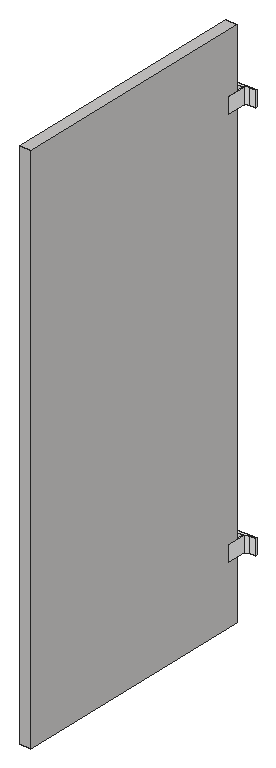
Revit family "Partition-Urinal_Screen-Bradley_Corp-St_Stl", category Specialty Equipment, Revit 2012
Parameters (values of type "23" x 48" Urinal Screen")
  Width = 23"
  Warranty Information = "Warranted 15 years against rust out, 5 years on chrome hardware, lifetime of the partition on the stainless steel hardware."
  Version = "2.0"
  URL = "http://www.bradleycorp.com"
  Type Comments = "n/a"
  Top Stirrup Bracket Distance From Floor [instance] = if(Height > 42", 53 5/16", 53 5/16")  # 53 5/16"
  Technical Data = "n/a"
  Stirrup Brackets [instance] = not(Continuous Brackets)  # yes
  Specifications URL = "http://www.bradleycorp.com/3partspec"
  Product Tech Data URL - Spanish = ""
  Product Tech Data URL - French = ""
  Product Tech Data URL - English = "http://bradleycorp.com/download/83/9680.pdf"
  Percentage of Recycled Content = 0
  Partition Material [instance] = Metal - Bradley Corp - Stainless Steel
  OmniClass Table 23 Title = "Toilet Compartment and Urinal Screens"
  OmniClass Table 23 Number = "23.15.11.15.11"
  OmniClass Table 21 Title = "Toilet, Bath, and Laundry Accessories"
  OmniClass Table 21 Number = "21-03 10 90 40"
  Modeling Code = "n/a"
  Model = "Stainless Steel - Urinal Screen"
  Material Note = "Stainless Steel Hardware Also Available - Please See www.bradleycorp.com"
  Material = "Stainless Steel"
  MasterFormat Title = "Toilet Compartments"
  MasterFormat Number = "10 21 13"
  Manufacturer = "Bradley Corporation"
  LEED Credit = "n/a"
  Industry Standards = "n/a"
  Hardware Material = Metal - Bradley Corp - Chrome
  Fire Rating = "n/a"
  Description = "Restroom Partitions, Urinal Screen"
  Copyright = "This Model Data is Property of Bradley Corporation"
  Complies to NAFTA = "n/a"
  Buy American Act = "To Be Determined"
  Bottom Stirrup Bracket Distance From Floor [instance] = if(Height > 42", 17 5/16", 23 5/16")  # 17 5/16"
  Height = 48"
  Distance From Floor [instance] = if(Height > 42", 12", 18")  # 12"
  Continuous Brackets [instance] = no
  Bracket Offset = (Height - 41") * 0.5  # 3 1/2"
  Assembly Code = "C1010400"
  ADA Compliant = "No"  # constant formula
Types (7): name | Width | Bottom Stirrup Bracket Distance From Floor | Height | Distance From Floor | Bracket Offset
  (no name) | 23" | 17 5/16" | 48" | 12" | 3 1/2"
  11" x 42" Urinal Screen | 11" | 23 5/16" | 42" | 18" | 1/2"
  17" x 42" Urinal Screen | 17" | 23 5/16" | 42" | 18" | 1/2"
  23" x 42" Urinal Screen | 23" | 23 5/16" | 42" | 18" | 1/2"
  11" x 48" Urinal Screen | 11" | 17 5/16" | 48" | 12" | 3 1/2"
  17" x 48" Urinal Screen | 17" | 17 5/16" | 48" | 12" | 3 1/2"
  23" x 48" Urinal Screen | 23" | 17 5/16" | 48" | 12" | 3 1/2"
Reference planes (in)
  plane 1 "Center (Front/Back)": y = 0
  plane 2: z = 0
  plane 3 "Center (Left/Right)": x = 0
Forms (in)
  Extrusion 1, solid, material "Metal - Bradley Corp - Stainless Steel" <- "Partition Material"
    sketch origin (-0.5, 20.69046, 0) x (0, 1, 0) y (0, 0, 1)
      loop
        line (-44.69046, 60) -> (-44.69046, 12) -> (-21.69046, 12) -> (-21.69046, 60) -> (-44.69046, 60)
    from 0 to 1
Dimensions and locks (in)
  locked: Extrusion 1 to plane 1 "Center (Front/Back)" at 1
  "Distance From Floor": level to Extrusion 1
  Extrusion 1 to plane 3 "Center (Left/Right)" to Extrusion 1 = 1/2" locked, 1/2" locked
  "Height": Extrusion 1 to Extrusion 1
  "Width": Extrusion 1 to Extrusion 1
  "Bracket Offset": Extrusion 1 to nested 1
  "Bottom Stirrup Bracket Distance From Floor": nested 2 to level
  "Top Stirrup Bracket Distance From Floor": nested 3 to level
  aligned and locked: plane 3 "Center (Left/Right)" to nested 1
  aligned and locked: plane 1 "Center (Front/Back)" to nested 1
  aligned and locked: plane 1 "Center (Front/Back)" to nested 2
  aligned and locked: plane 3 "Center (Left/Right)" to nested 2
  aligned and locked: plane 1 "Center (Front/Back)" to nested 3
  aligned and locked: plane 3 "Center (Left/Right)" to nested 3
Automatic sketch dimensions
  plane 1 "Center (Front/Back)" to Extrusion 1 sketch curve = 24"
  level to Extrusion 1 sketch curve = 12"
  Extrusion 1 sketch curve to Extrusion 1 sketch curve = 48"
  plane 1 "Center (Front/Back)" to Extrusion 1 sketch curve = 1"
Nested families (in)
  nested 1: "Continuous Brackets" at (0, 0, 11.5), visible <- "Continuous Brackets", type "Continuous Bracket"
  nested 2: "Stirrup Brackets" at (0, 0, 17.3125), visible <- "Stirrup Brackets", type "Stirrup Bracket"
  nested 3: "Stirrup Brackets" at (0, 0, 53.3125), visible <- "Stirrup Brackets", type "Stirrup Bracket"
Definition of nested family "Continuous Brackets"
  Parameters (values of type "41" Continuous Bracket")
    Material = Metal - Bradley Corp - Stainless Steel
    Assembly Code = ""
  Reference planes (in)
    plane 1 "Center (Front/Back)": y = 0
    plane 2: z = 0
    plane 3 "Center (Left/Right)": x = 0
    plane 4: x = -0.5
    plane 5: x = 0.5
    plane 6: y = -1
    plane 7: y = -2
    plane 8: y = -0.1
    plane 9: y = -0.35
    plane 10 "del me": z = 0
    plane 11 "Midplane Of Bracket": z = 24.5
    plane 12 "Top Of Bracket": z = 45
    plane 13 "Bottom Of Bracket": z = 4
  Forms (in)
    Extrusion 1, solid, material "Metal - Bradley Corp - Stainless Steel" <- "Material"
      sketch origin (0, 0, 44.25) x (1, 0, 0) y (0, 1, 0)
        loop
          line (-1.5, 0) -> (-1.5, -0.1) -> (-0.85, -0.1)
          arc (-0.85, -0.1) -> (-0.67322, -0.17322) -> (-0.6, -0.35) r 0.25
          line (-0.6, -0.35) -> (-0.6, -2) -> (-0.5, -2) -> (-0.5, -0.27354) -> (0.5, -0.27354) -> (0.5, -2) -> (0.6, -2) -> (0.6, -0.35)
          arc (0.6, -0.35) -> (0.67322, -0.17322) -> (0.85, -0.1) r 0.25
          line (0.85, -0.1) -> (1.5, -0.1) -> (1.5, 0) -> (-1.5, 0)
      from 0.75 to -40.25
  Dimensions and locks (in)
    locked: plane 8 to plane 9 at 0.25
    locked: plane 6 to plane 7 at 1
    locked: Extrusion 1 to Extrusion 1 at 3
    locked: Extrusion 1 to Extrusion 1 at 1
    locked: Extrusion 1 to Extrusion 1 at 1.72646  (x2)
    locked: Extrusion 1 to Extrusion 1 at 0.1  (x4)
    locked: Extrusion 1 to Extrusion 1 at 0.65  (x2)
    locked: Extrusion 1 to Extrusion 1 at 0.27354  (x2)
    locked: Extrusion 1 to Extrusion 1 at 2
    locked: Extrusion 1 to Extrusion 1 at 0.9  (x2)
    locked: plane 12 "Top Of Bracket" to plane 13 "Bottom Of Bracket" at 41
    radius of Extrusion 1 = 1/4"  (x2)
    aligned and locked: plane 12 "Top Of Bracket" to Extrusion 1
    aligned and locked: Extrusion 1 to plane 13 "Bottom Of Bracket"
Definition of nested family "Stirrup Brackets"
  Parameters (values of type "Stirrup Bracket")
    Material = Metal - Bradley Corp - Stainless Steel
    Assembly Code = ""
  Reference planes (in)
    plane 1 "Center (Front/Back)": y = 0
    plane 2: z = 0
    plane 3 "Center (Left/Right)": x = 0
    plane 4: x = -0.5
    plane 5: x = 0.5
    plane 6: y = -1
    plane 7: y = -2
    plane 8: y = -0.1
    plane 9: y = -0.35
  Forms (in)
    Extrusion 1, solid, material "Metal - Bradley Corp - Stainless Steel" <- "Material"
      sketch origin (0, 0, -244) x (1, 0, 0) y (0, 1, 0)
        loop
          line (-1.5, 0) -> (-1.5, -0.1) -> (-0.85, -0.1)
          arc (-0.85, -0.1) -> (-0.67322, -0.17322) -> (-0.6, -0.35) r 0.25
          line (-0.6, -0.35) -> (-0.6, -2) -> (-0.5, -2) -> (-0.5, -0.27354) -> (0.5, -0.27354) -> (0.5, -2) -> (0.6, -2) -> (0.6, -0.35)
          arc (0.6, -0.35) -> (0.67322, -0.17322) -> (0.85, -0.1) r 0.25
          line (0.85, -0.1) -> (1.5, -0.1) -> (1.5, 0) -> (-1.5, 0)
      from 244 to 245.375
  Dimensions and locks (in)
    locked: plane 8 to plane 9 at 0.25
    locked: plane 6 to plane 7 at 1
    locked: Extrusion 1 to Extrusion 1 at 3
    locked: Extrusion 1 to Extrusion 1 at 1
    locked: Extrusion 1 to Extrusion 1 at 1.72646  (x2)
    locked: Extrusion 1 to Extrusion 1 at 0.1  (x4)
    locked: Extrusion 1 to Extrusion 1 at 0.65  (x2)
    locked: Extrusion 1 to Extrusion 1 at 0.27354  (x2)
    locked: Extrusion 1 to Extrusion 1 at 2
    locked: Extrusion 1 to Extrusion 1 at 0.9  (x2)
    radius of Extrusion 1 = 1/4"  (x2)
